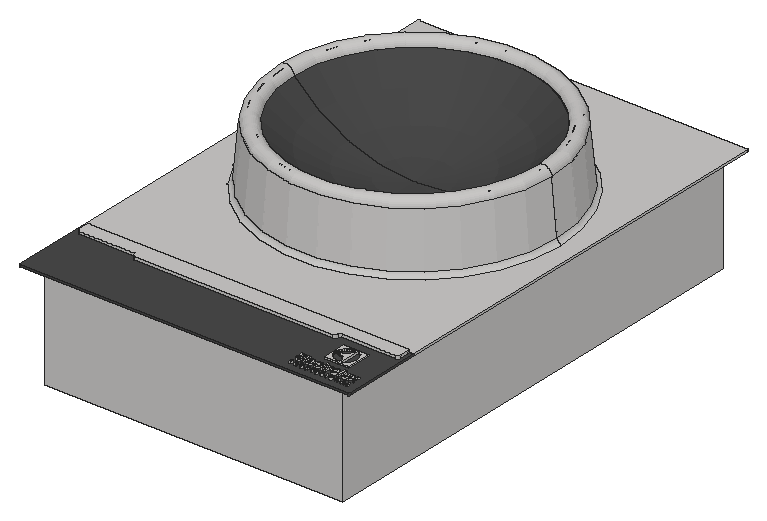
Revit family "QF_ELECTROLUXPROFESSIONAL_600880_E1HCEDOMCS", category Specialty Equipment, Revit 2018 (continued)
Definition of nested family "ELX_Logo_Professional"
  Forms (mm)
    Extrusion 2, solid
      sketch origin (-144.622, -1081.55, 0) x (-1, 0, 0) y (0, -1, 0)
        loop
          arc (-144.633, -1086.183) -> (-145.985, -1086.264) -> (-147.323, -1086.473) r 14.39
        loop
          line (-111.329, -1069.559) -> (-111.329, -1071.073) -> (-116.048, -1071.073) -> (-116.048, -1072.896) -> (-111.328, -1072.896) -> (-111.328, -1075.549) -> (-116.349, -1075.549) -> (-116.349, -1077.368) -> (-109.396, -1077.368) -> (-109.396, -1073.46) -> (-109.396, -1069.659)
          arc (-109.396, -1069.659) -> (-110.425, -1067.175) -> (-112.909, -1066.146) r 3.513
          line (-112.909, -1066.146) -> (-116.483, -1066.146) -> (-116.483, -1067.963) -> (-112.925, -1067.963)
          arc (-112.925, -1067.963) -> (-111.797, -1068.431) -> (-111.329, -1069.559) r 1.596
        loop
          line (-119.79, -1077.358) -> (-117.856, -1077.358) -> (-117.856, -1072.053) -> (-117.856, -1066.132) -> (-119.79, -1066.132) -> (-119.79, -1072.092) -> (-119.79, -1077.358)
        loop
          line (-122.986, -1069.718) -> (-129.327, -1069.718)
          arc (-129.327, -1069.718) -> (-129.219, -1071.449) -> (-128.497, -1073.026) r 4.757
          arc (-128.497, -1073.026) -> (-125.237, -1074.5) -> (-121.978, -1073.026) r 4.34
          arc (-121.978, -1073.026) -> (-121.072, -1070.207) -> (-121.978, -1067.388) r 4.838
          arc (-121.978, -1067.388) -> (-125.393, -1065.933) -> (-128.809, -1067.388) r 4.737
          line (-128.809, -1067.388) -> (-127.645, -1068.52)
          arc (-127.645, -1068.52) -> (-125.509, -1067.576) -> (-123.374, -1068.52) r 2.888
          arc (-123.374, -1068.52) -> (-123.05, -1069.077) -> (-122.986, -1069.718) r 1.527
        loop
          arc (-127.386, -1071.076) -> (-126.67, -1072.331) -> (-125.331, -1072.872) r 2.201
          arc (-125.331, -1072.872) -> (-123.848, -1072.402) -> (-123.033, -1071.076) r 2.23
          line (-123.033, -1071.076) -> (-127.386, -1071.076)
        loop
          line (-136.862, -1071.886) -> (-138.059, -1073.132)
          arc (-138.059, -1073.132) -> (-130.327, -1070.219) -> (-138.059, -1067.306) r 4.415
          line (-138.059, -1067.306) -> (-136.862, -1068.553)
          arc (-136.862, -1068.553) -> (-132.252, -1070.22) -> (-136.862, -1071.886) r 2.606
        loop
          line (-141.192, -1069.673) -> (-141.192, -1072.494) -> (-142.951, -1072.494) -> (-142.951, -1074.25) -> (-141.195, -1074.25) -> (-141.195, -1077.358) -> (-139.262, -1077.358) -> (-139.262, -1073.332) -> (-139.262, -1069.514)
          arc (-139.262, -1069.514) -> (-140.299, -1066.92) -> (-142.98, -1066.132) r 3.196
          line (-142.98, -1066.132) -> (-142.987, -1067.949)
          arc (-142.987, -1067.949) -> (-141.652, -1068.356) -> (-141.192, -1069.673) r 1.542
        loop
          line (-146.494, -1073.042) -> (-146.494, -1074.25) -> (-144.576, -1074.25) -> (-144.576, -1070.271) -> (-144.576, -1066.132) -> (-146.494, -1066.132) -> (-146.494, -1070.401)
          arc (-146.494, -1070.401) -> (-147.446, -1072.228) -> (-149.489, -1072.494) r 2.229
          line (-149.489, -1072.494) -> (-149.489, -1074.362)
          arc (-149.489, -1074.362) -> (-147.761, -1074.226) -> (-146.494, -1073.042) r 2.627
        loop
          line (-159.833, -1072.246) -> (-159.833, -1066.131) -> (-161.767, -1066.131) -> (-161.767, -1072.17) -> (-161.767, -1077.359) -> (-159.833, -1077.359) -> (-159.833, -1072.246)
        loop
          line (-165.194, -1069.514) -> (-165.194, -1074.25) -> (-163.245, -1074.25) -> (-163.245, -1071.898) -> (-163.245, -1069.098)
          arc (-163.245, -1069.098) -> (-166.96, -1065.769) -> (-170.687, -1069.085) r 3.745
          line (-170.687, -1069.085) -> (-170.687, -1071.898) -> (-170.687, -1074.25) -> (-168.739, -1074.25) -> (-168.739, -1069.514)
          arc (-168.739, -1069.514) -> (-166.967, -1067.742) -> (-165.194, -1069.514) r 1.772
        loop
          line (-174.654, -1070.416) -> (-172.975, -1068.078) -> (-171.578, -1066.131) -> (-173.656, -1066.131) -> (-175.717, -1068.999) -> (-177.779, -1066.131) -> (-179.857, -1066.131) -> (-178, -1068.728) -> (-176.781, -1070.433) -> (-178.29, -1072.488) -> (-179.583, -1074.25) -> (-177.473, -1074.25) -> (-175.717, -1071.818) -> (-173.945, -1074.25) -> (-171.852, -1074.25) -> (-173.052, -1072.608) -> (-174.654, -1070.416)
        loop
          circle (-154.223, -1070.188) r 2.508
        loop
          circle (-154.223, -1070.188) r 4.42
        loop
          line (-110.224, -1058.542) -> (-111.194, -1058.542)
          arc (-111.194, -1058.542) -> (-112.217, -1059.95) -> (-110.924, -1061.114) r 1.3
          line (-110.924, -1061.114) -> (-109.424, -1061.114) -> (-109.424, -1057.223) -> (-110.224, -1057.223) -> (-110.224, -1058.542)
        loop
          line (-110.224, -1060.379) -> (-110.224, -1059.293) -> (-111.03, -1059.293)
          arc (-111.03, -1059.293) -> (-111.43, -1059.836) -> (-111.03, -1060.379) r 0.569
          line (-111.03, -1060.379) -> (-110.224, -1060.379)
        loop
          line (-116.302, -1058.564) -> (-117.128, -1058.564) -> (-117.934, -1057.223) -> (-118.841, -1057.223) -> (-117.833, -1058.884)
          arc (-117.833, -1058.884) -> (-118.214, -1060.282) -> (-117.028, -1061.114) r 1.26
          line (-117.028, -1061.114) -> (-115.503, -1061.114) -> (-115.503, -1057.223) -> (-116.302, -1057.223) -> (-116.302, -1058.564)
        loop
          line (-116.302, -1060.379) -> (-116.302, -1059.293) -> (-117.109, -1059.293)
          arc (-117.109, -1059.293) -> (-117.508, -1059.836) -> (-117.109, -1060.379) r 0.569
          line (-117.109, -1060.379) -> (-116.302, -1060.379)
        loop
          line (-128.923, -1057.223) -> (-129.723, -1057.223) -> (-129.723, -1058.714) -> (-131.187, -1058.714) -> (-131.187, -1059.514) -> (-129.723, -1059.514) -> (-129.723, -1060.314) -> (-131.327, -1060.314) -> (-131.327, -1061.114) -> (-128.923, -1061.114) -> (-128.923, -1057.223)
        loop
          arc (-134.628, -1058.469) -> (-134.992, -1057.588) -> (-135.874, -1057.223) r 1.246
          line (-135.874, -1057.223) -> (-137.13, -1057.223) -> (-137.13, -1058.023) -> (-135.969, -1058.023)
          arc (-135.969, -1058.023) -> (-135.53, -1058.237) -> (-135.427, -1058.714) r 0.558
          line (-135.427, -1058.714) -> (-136.984, -1058.714) -> (-136.984, -1059.514) -> (-135.427, -1059.514) -> (-135.427, -1060.314) -> (-137.092, -1060.314) -> (-137.092, -1061.114) -> (-134.628, -1061.114) -> (-134.628, -1058.469)
        loop
          line (-152.3, -1057.223) -> (-153.1, -1057.223) -> (-153.1, -1061.114) -> (-152.3, -1061.114) -> (-152.3, -1057.223)
        loop
          line (-164.67, -1057.223) -> (-164.67, -1059.67) -> (-166.45, -1057.223) -> (-167.25, -1057.223) -> (-167.25, -1061.114) -> (-166.42, -1061.114) -> (-166.42, -1058.594) -> (-164.64, -1061.114) -> (-163.84, -1061.114) -> (-163.84, -1057.223) -> (-164.67, -1057.223)
        loop
          line (-170.403, -1057.223) -> (-171.262, -1057.223) -> (-171.641, -1058.063) -> (-173.08, -1058.063) -> (-173.459, -1057.223) -> (-174.317, -1057.223) -> (-172.796, -1061.113) -> (-171.996, -1061.113) -> (-170.403, -1057.223)
        loop
          line (-177.493, -1057.223) -> (-179.789, -1057.223) -> (-179.789, -1058.023) -> (-178.293, -1058.023) -> (-178.293, -1061.114) -> (-177.493, -1061.114) -> (-177.493, -1057.223)
        loop
          line (-172.362, -1059.848) -> (-171.945, -1058.83) -> (-172.76, -1058.83) -> (-172.362, -1059.848)
        loop
          circle (-158.484, -1059.145) r 1.288
        loop
          circle (-158.484, -1059.145) r 2.065
        loop
          arc (-146.04, -1058.095) -> (-146.933, -1057.275) -> (-148.145, -1057.245) r 1.725
          arc (-148.145, -1057.245) -> (-148.965, -1058.02) -> (-148.68, -1059.111) r 1.107
          arc (-148.68, -1059.111) -> (-148.103, -1059.465) -> (-147.486, -1059.746) r 5.523
          arc (-147.486, -1059.746) -> (-147.147, -1060.262) -> (-147.708, -1060.52) r 0.407
          arc (-147.708, -1060.52) -> (-148.045, -1060.315) -> (-148.325, -1060.038) r 1.702
          line (-148.325, -1060.038) -> (-149.011, -1060.45)
          arc (-149.011, -1060.45) -> (-148.578, -1060.911) -> (-148.043, -1061.247) r 2.463
          arc (-148.043, -1061.247) -> (-146.373, -1060.466) -> (-147.42, -1058.949) r 1.207
          spline (-147.42, -1058.949) -> (-147.716, -1058.809) -> (-147.932, -1058.678) -> (-148.077, -1058.557) -> (-148.163, -1058.446) -> (-148.198, -1058.347) -> (-148.192, -1058.258) -> (-148.157, -1058.182) -> (-148.102, -1058.118) -> (-148.037, -1058.068) -> (-147.972, -1058.031) -> (-147.917, -1058.008) -> (-147.883, -1058)
          arc (-147.883, -1058) -> (-147.238, -1058.014) -> (-146.759, -1058.446) r 0.925
          line (-146.759, -1058.446) -> (-146.04, -1058.095)
        loop
          arc (-140.18, -1058.095) -> (-141.073, -1057.275) -> (-142.285, -1057.245) r 1.725
          arc (-142.285, -1057.245) -> (-143.106, -1058.02) -> (-142.821, -1059.111) r 1.107
          arc (-142.821, -1059.111) -> (-142.243, -1059.465) -> (-141.627, -1059.746) r 5.523
          arc (-141.627, -1059.746) -> (-141.287, -1060.262) -> (-141.849, -1060.52) r 0.407
          arc (-141.849, -1060.52) -> (-142.185, -1060.315) -> (-142.466, -1060.038) r 1.702
          line (-142.466, -1060.038) -> (-143.151, -1060.45)
          arc (-143.151, -1060.45) -> (-142.719, -1060.911) -> (-142.183, -1061.247) r 2.463
          arc (-142.183, -1061.247) -> (-140.513, -1060.466) -> (-141.56, -1058.949) r 1.207
          spline (-141.56, -1058.949) -> (-141.856, -1058.809) -> (-142.072, -1058.678) -> (-142.218, -1058.557) -> (-142.303, -1058.446) -> (-142.338, -1058.347) -> (-142.333, -1058.258) -> (-142.298, -1058.182) -> (-142.242, -1058.118) -> (-142.177, -1058.068) -> (-142.112, -1058.031) -> (-142.057, -1058.008) -> (-142.023, -1058)
          arc (-142.023, -1058) -> (-141.378, -1058.014) -> (-140.9, -1058.446) r 0.925
          line (-140.9, -1058.446) -> (-140.18, -1058.095)
        loop
          circle (-123.484, -1059.145) r 1.288
        loop
          circle (-123.484, -1059.145) r 2.065
      from 0 to 1.6
  Dimensions and locks
    aligned and locked: plane 2 to Extrusion 1
    aligned and locked: level to Extrusion 1
Types (2, lengths in mm): name | URL | Manufacturer | Phase | Model | Description
  (no name) | 0 | 0 | 0 | 0 | 0
  Standard | "http://professional.electrolux.com" | "Electrolux Professional" | 1 | "E1HCEDOMCS" | "PLUG-IN INDUCTION WOK, DROP-IN"
